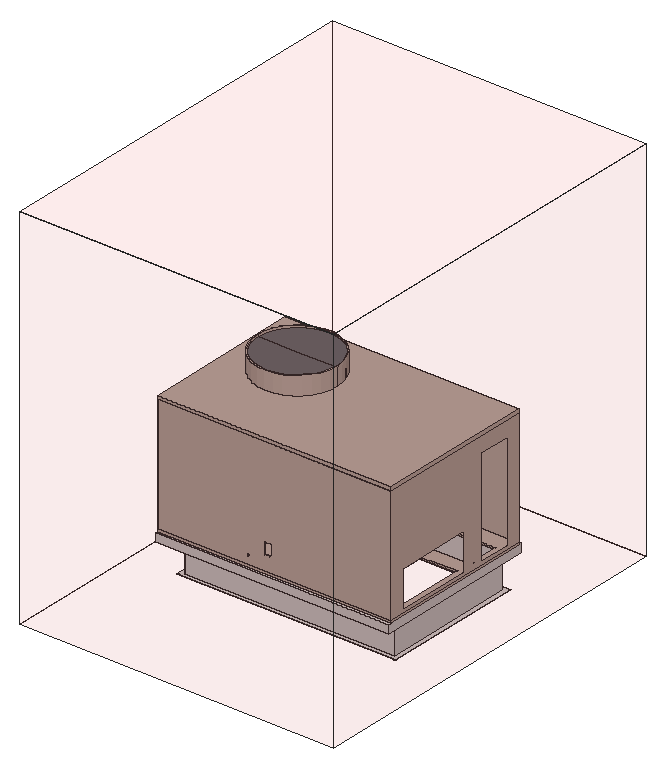
Revit family "CDR-ZX14, ZY12, XX12, XY08, XY09", category Mechanical Equipment, Revit 2023
Family settings
  Round Connector Dimension = Use Diameter
  Part Type = Normal
  Work Plane-Based = No
  Always vertical = Yes
  Cut with Voids When Loaded = No
  Maintain Annotation Orientation = No
  Shared = No
  Room Calculation Point = No
Parameters (values of type "ZX14 - 12.5 Ton")
  Width = 61.690"  # constant formula
  Voltage = 208 V
  URL = "www.johnsoncontrols.com"
  Temperature Rise Range [instance] = 0 °F
  Supply Fan HP = 0 VA
  Supply Fan Full Load Current = 0 A
  Supply Air Connection Width (Optional) = 28 97/256"  # constant formula
  Supply Air Connection Width = 14"  # constant formula
  Supply Air Connection Height (Optional) = 13 225/256"  # constant formula
  Supply Air Connection Height = 28 3/4"  # constant formula
  Steady State Efficiency [instance] = 0
  Static Resistance [instance] = 0
  Standard Capacity Evaporator [instance] = "0"
  Show Clearance [instance] = yes
  Serial Number [instance] = ""
  Seasonal Energy Efficiency Rating [instance] = 0
  Return Air Dry Bulb Temperature [instance] = 0 °F
  Return Air Connection Width (Optional) = 12 161/256"  # constant formula
  Return Air Connection Width = 36 97/256"  # constant formula
  Return Air Connection Height (Optional) = 36 97/256"  # constant formula
  Return Air Connection Height = 12 161/256"  # constant formula
  Refrigerant Used = "R-410A"  # constant formula
  Refrigerant Charge System Two = 6.75 lbf
  Refrigerant Charge System One = 6.50 lbf
  Product Page URL = ""
  Product Documentation Link = ""
  Power Factor = 1  # constant formula
  Outdoor Ambient Temperature [instance] = 0 °F
  Outdoor Air Wet Bulb Temperature [instance] = 0 °F
  Operating Weight = 941.00 lbf
  OmniClass Title = "Packaged Rooftop Air Conditioning Units"  # constant formula
  OmniClass Number = "23.75.10.24.21.27.14"  # constant formula
  Number of Poles = 3
  Nominal Cooling Capacity = 12.5 ton
  Model = "ZX14"
  Maximum Overcurrent Protection = 0 A
  Manufacturer = "Johnson Controls, Inc."  # constant formula
  Length = 87.180"  # constant formula
  Keynote = ""
  Integrated Part Load Value = 0
  Height = 48.560"  # constant formula
  Gas Heating Performance MBH Output = 0 Btu/h
  Gas Heating Performance MBH Input = 0 Btu/h
  Gas Connection Diameter = 3/4"  # constant formula
  Frame Finish = Paint - JCI - Powder Coated - Galvanized Steel
  Filter Type = "2\""
  Filter Size and Quantity = "(20 x 20 x 2) - 4"  # constant formula
  Family Revision Date = "11/01/2017"  # constant formula
  Exhaust Fan HP [instance] = 0 VA
  Exhaust Air Flow = 0 CFM
  Exhaust Air Blower Full Load Current [instance] = 0 A
  Evaporator Coil Row Count = 4
  Evaporator Coil Fins per Inch = 15  # constant formula
  External Static Pressure [instance] = 0.00 in-wg
  Energy Efficiency Rating = 0
  Design Supply Air Flow [instance] = 0 CFM
  Description = "CDR Packaged Unit - 12.5 Ton Unit"
  Default Elevation = 0.000"
  Curb Width = 53.500"  # constant formula
  Curb Thicknes = 1.750"  # constant formula
  Curb Length = 81.750"  # constant formula
  Curb Height [instance] = 14.000"  # constant formula
  Curb Material = Metal - JCI - Steel - Galvanized With Wood Nailer
  Curb Exists [instance] = yes
  Copyright © = "Copyright © 2001-2017 Johnson Controls"  # constant formula
  Convenience Outlet Voltage [instance] = 0 V
  Convenience Outlet Full Load Current = 0 A
  Condenser Fan Quantity = 1  # constant formula
  Condenser Fan HP = 0 VA
  Condenser Fan Full Load Current = 0 A
  Condenser Fan Drive Type = "Direct"  # constant formula
  Condenser Fan Diameter = 30.000"  # constant formula
  Condenser Coils Fins per Inch = 21  # constant formula
  Condenser Coil Rows = 1
  Condensate Drain Flow [instance] = 0 GPM
  Condensate Drain Connection Diameter = 3/4"  # constant formula
  Compressor Type = "Scroll"  # constant formula
  Compressor Size = "0"  # constant formula
  Compressor Running Load Current = 0 A
  Compressor Quantity = 2
  Compressor Maximum Continuous Current = 0 A
  Compressor Locked Rotor Current = 0 A
  Clearance Top = 72.000" + 6.700"  # 78.700"
  Clearance Right = 18.000"
  Clearance Left = 12.000"
  Clearance Front = 48.000"
  Clearance Bottom [instance] = if(Curb Exists, (Curb Height - Cabinet Base Thickness), 0.000")  # 10.940"
  Clearance Back = 36.000"
  Cabinet Base Thickness = 3.060"  # constant formula
  CTRL Curb Height [instance] = if(Curb Exists, Curb Height, Cabinet Base Thickness)  # 14.000"
  Assembly Code = ""
  Actual Supply Gas Connection Flow [instance] = 0 GPM
  Actual Supply Air Flow [instance] = 0 CFM
  Actual Return Air Flow [instance] = 0 CFM
Types (3): name | Refrigerant Charge System Two | Operating Weight | Nominal Cooling Capacity | Model | Description
  (no name) | 6.75 lbf | 941.00 lbf | 12.5 ton | "ZX14" | "CDR Packaged Unit - 12.5 Ton Unit"
  ZX14 - 12.5 Ton | 6.75 lbf | 941.00 lbf | 12.5 ton | "ZX14" | "CDR Packaged Unit - 12.5 Ton Unit"
  ZY12 - 10 Ton | 7.00 lbf | 902.00 lbf | 10.0 ton | "ZY12" | "CDR Packaged Unit - 10 Ton Unit"
Reference planes (in)
  plane 1 "Center (Front/Back)": y = 0
  plane 2 "Curb Bottom": z = 0
  plane 3 "Center (Left/Right)": x = 0
  plane 4 "Left": x = -43.59
  plane 5 "Right": x = 43.59
  plane 6 "Back": y = 30.845
  plane 7 "Front": y = -30.845
  plane 8 "Curb Top": z = 10.94
  plane 9 "Top": z = 59.5
  plane 10 "Cabinet Base": z = 14
  plane 11 "Top Inset": z = 58.25
  plane 12: z = 14.75
  plane 13 "Curb Right": x = 42.84
  plane 14 "Curb Left": x = -38.91
  plane 15 "Curb Back": y = 26.75
  plane 16 "Curb Front": y = -26.75
Forms (in)
  Sweep 1, solid, material "Metal - JCI - Steel Galvanized", detail levels fine
    path origin (0, 0, 0) x (1, 0, 0) y (0, 0, 1)
      loop
        line (0, 10.94) -> (0, 14)
    profile origin (0, 0, 12.47) x (-1, 0, 0) y (0, -1, 0)
      loop
        line (43.46, -30.845) -> (43.46, 30.845) -> (-43.48, 30.845) -> (-43.48, -30.845) -> (43.46, -30.845)
      loop
        line (42.96, -27.275) -> (42.96, 27.275) -> (-42.98, 27.275) -> (-42.98, -27.275) -> (42.96, -27.275)
  Sweep 2, solid, material "Paint - JCI - Powder Coated - Galvanized Steel" <- "Frame Finish", detail levels fine
    path origin (0, 0, 0) x (1, 0, 0) y (0, 0, 1)
      loop
        line (0, 14.75) -> (0, 58.25)
    profile origin (0, 0, 36.5) x (-1, 0, 0) y (0, -1, 0)
      loop
        line (43.59, -29.795) -> (43.59, 29.795) -> (-43.59, 29.795) -> (-43.59, -29.795) -> (43.59, -29.795)
      loop
        line (43.56, -29.765) -> (43.56, 29.765) -> (-43.56, 29.765) -> (-43.56, -29.765) -> (43.56, -29.765)
  Sweep 3, solid, material "Paint - JCI - Powder Coated - Galvanized Steel" <- "Frame Finish", detail levels fine
    path origin (0, 0, 0) x (1, 0, 0) y (0, 0, 1)
      loop
        line (0, 58.25) -> (0, 59.5)
    profile origin (0, 0, 58.875) x (-1, 0, 0) y (0, -1, 0)
      loop
        line (-43.59, -29.795) -> (43.59, -29.795) -> (43.59, 29.795) -> (-43.59, 29.795) -> (-43.59, -29.795)
      loop
        circle (21.082, -7.295) r 15
  Sweep 4, solid, material "Paint - JCI - Powder Coated - Galvanized Steel" <- "Frame Finish", detail levels fine
    path origin (0, 0, 0) x (1, 0, 0) y (0, 0, 1)
      loop
        line (0, 14) -> (0, 14.75)
    profile origin (0, 0, 14.375) x (-1, 0, 0) y (0, -1, 0)
      loop
        line (-43.59, -29.795) -> (43.59, -29.795) -> (43.59, 29.795) -> (-43.59, 29.795) -> (-43.59, -29.795)
  Sweep 5, void
    path origin (0, 0, 0) x (1, 0, 0) y (0, 0, 1)
      loop
        line (0, 14) -> (0, 14.75)
    profile origin (0, 0, 14.375) x (-1, 0, 0) y (0, -1, 0)
      loop
        line (-40.19, -23.245) -> (-3.81109, -23.245) -> (-3.81109, -10.61609) -> (-40.19, -10.61609) -> (-40.19, -23.245)
      loop
        line (-40.19, -5.39609) -> (-26.19, -5.39609) -> (-26.19, 23.35391) -> (-40.19, 23.35391) -> (-40.19, -5.39609)
      loop
        circle (-18.3, -7.895) r 0.375
  Extrusion 6, void
    sketch origin (0, 0, 0) x (1, 0, 0) y (0, 0, 1)
      loop
        circle (-9.6, 18.23) r 0.375
      loop
        line (-3.38, 20.42) -> (-1.05, 20.42) -> (-1.05, 24.65) -> (-3.38, 24.65) -> (-3.38, 20.42)
    from 20.02836 to 30.845
  Extrusion 7, solid, material "Paint - JCI - Powder Coated - Galvanized Steel" <- "Frame Finish", detail levels fine
    sketch origin (-43.59, 0, 0) x (0, 1, 0) y (0, 0, 1)
      loop
        circle (-25.1205, 46.23) r 0.69
      loop
        line (-23.895, 36.265) -> (-26.815, 36.265) -> (-26.815, 31.575) -> (-23.895, 31.575) -> (-23.895, 36.265)
    from -0.1 to 0
  Extrusion 8, void
    sketch origin (0, 0, 0) x (0, 1, 0) y (0, 0, 1)
      loop
        line (12.23609, 52.31891) -> (12.23609, 15.94) -> (24.865, 15.94) -> (24.865, 52.31891) -> (12.23609, 52.31891)
      loop
        line (-24.33281, 29.81891) -> (-24.33281, 15.94) -> (4.04609, 15.94) -> (4.04609, 29.81891) -> (-24.33281, 29.81891)
      loop
        circle (8.255, 17.13) r 0.375
    from 30 to 43.59
  Sweep 9, solid, material "Metal - JCI - Steel - Galvanized With Wood Nailer" <- "Curb Material", visible <- "Curb Exists", detail levels fine
    path origin (0, 0, 0) x (1, 0, 0) y (0, 1, 0)
      loop
        line (-38.91, 26.75) -> (-38.91, -26.75) -> (42.84, -26.75) -> (42.84, 26.75) -> (-38.91, 26.75)
    profile origin (42.84, 0, 0) x (1, 0, 0) y (0, 0, 1)
      loop
        line (0, 14) -> (-1.75, 14) -> (-1.75, 0) -> (0, 0) -> (0, 0.06) -> (-1.69, 0.06) -> (-1.69, 13) -> (0, 13) -> (0, 14)
      loop
        line (-1.69, 13.06) -> (-0.06, 13.06) -> (-0.06, 13.94) -> (-1.69, 13.94) -> (-1.69, 13.06)
  Extrusion 10, solid, material "Metal - JCI - Steel - Galvanized With Wood Nailer" <- "Curb Material", visible <- "Curb Exists", detail levels fine
    sketch origin (0, 0, 14) x (-1, 0, 0) y (0, -1, 0)
      loop
        line (37.16, -25) -> (37.16, 25) -> (-0.902, 25) -> (-0.902, -6.531) -> (-22.277, -6.531) -> (-22.277, 25) -> (-25.277, 25) -> (-25.277, -6.531) -> (-41.09, -6.531) -> (-41.09, -9.531) -> (-0.902, -9.531) -> (-0.902, -25) -> (37.16, -25)
      loop
        circle (-18.027, -7.563) r 0.9
    from 0 to -1
Cuts and joins
  Sweep 5 cuts Sweep 4
  Extrusion 6, Extrusion 8 cuts Sweep 2
  joined: Sweep 9, Extrusion 10
Lines and regions (in)
  model lines, detail levels coarse+medium
    curve 1: line (-43.59, -30.845, 59.5) -> (43.59, -30.845, 59.5)
    curve 2: line (-43.59, -30.845, 10.94) -> (-43.59, -30.845, 59.5)
    curve 3: line (43.59, -30.845, 10.94) -> (-43.59, -30.845, 10.94)
    curve 4: line (43.59, -30.845, 59.5) -> (43.59, -30.845, 10.94)
    curve 5: line (-43.59, 30.845, 59.5) -> (43.59, 30.845, 59.5)
    curve 6: line (-43.59, 30.845, 10.94) -> (-43.59, 30.845, 59.5)
    curve 7: line (43.59, 30.845, 10.94) -> (-43.59, 30.845, 10.94)
    curve 8: line (43.59, 30.845, 59.5) -> (43.59, 30.845, 10.94)
    curve 9: line (43.59, -30.845, 59.5) -> (43.59, 30.845, 59.5)
    curve 10: line (43.59, -30.845, 10.94) -> (43.59, -30.845, 59.5)
    curve 11: line (43.59, 30.845, 10.94) -> (43.59, -30.845, 10.94)
    curve 12: line (43.59, 30.845, 59.5) -> (43.59, 30.845, 10.94)
    curve 13: line (-43.59, -30.845, 59.5) -> (-43.59, 30.845, 59.5)
    curve 14: line (-43.59, -30.845, 10.94) -> (-43.59, -30.845, 59.5)
    curve 15: line (-43.59, 30.845, 10.94) -> (-43.59, -30.845, 10.94)
    curve 16: line (-43.59, 30.845, 59.5) -> (-43.59, 30.845, 10.94)
  model lines, visible <- "Curb Exists", detail levels coarse+medium
    curve 17: line (-38.91, -26.75, 14) -> (42.84, -26.75, 14)
    curve 18: line (-38.91, -26.75, 0) -> (-38.91, -26.75, 14)
    curve 19: line (42.84, -26.75, 0) -> (-38.91, -26.75, 0)
    curve 20: line (42.84, -26.75, 14) -> (42.84, -26.75, 0)
    curve 21: line (-38.91, 26.75, 0) -> (42.84, 26.75, 0)
    curve 22: line (-38.91, 26.75, 14) -> (-38.91, 26.75, 0)
    curve 23: line (42.84, 26.75, 14) -> (-38.91, 26.75, 14)
    curve 24: line (42.84, 26.75, 0) -> (42.84, 26.75, 14)
    curve 25: line (42.84, -26.75, 0) -> (42.84, 26.75, 0)
    curve 26: line (42.84, -26.75, 14) -> (42.84, -26.75, 0)
    curve 27: line (42.84, 26.75, 14) -> (42.84, -26.75, 14)
    curve 28: line (42.84, 26.75, 0) -> (42.84, 26.75, 14)
    curve 29: line (-38.91, -26.75, 0) -> (-38.91, 26.75, 0)
    curve 30: line (-38.91, -26.75, 14) -> (-38.91, -26.75, 0)
    curve 31: line (-38.91, 26.75, 14) -> (-38.91, -26.75, 14)
    curve 32: line (-38.91, 26.75, 0) -> (-38.91, 26.75, 14)
  model lines, detail levels fine
    curve 33: line (1.68, -29.795, 58.25) -> (1.68, -29.795, 14.75)
    curve 34: line (-0.29, -29.795, 58.25) -> (-0.29, -29.795, 14.75)
    curve 35: line (-0.26, 29.795, 58.25) -> (-0.26, 29.795, 14.75)
    curve 36: line (1.63, 29.795, 58.25) -> (1.63, 29.795, 14.75)
    curve 37: line (1.63, 29.795, 35.32) -> (43.59, 29.795, 35.32)
    curve 38: line (1.63, 29.795, 36.01) -> (43.59, 29.795, 36.01)
Dimensions and locks (in)
  equal spacing: plane 4 "Left", plane 3 "Center (Left/Right)", plane 5 "Right"
  "Length": plane 4 "Left" to plane 5 "Right"
  equal spacing: plane 7 "Front", plane 1 "Center (Front/Back)", plane 6 "Back"
  "Width": plane 7 "Front" to plane 6 "Back"
  "Height": plane 9 "Top" to plane 8 "Curb Top"
  "Cabinet Base Thickness": plane 10 "Cabinet Base" to plane 8 "Curb Top"
  locked: plane 4 "Left" to Sweep 1 sketch curve at 0.13
  locked: Sweep 1 sketch curve to plane 5 "Right" at 0.11
  locked: Sweep 1 sketch curve to Sweep 1 sketch curve at 3.57  (x2)
  locked: Sweep 1 sketch curve to Sweep 1 sketch curve at 0.5  (x2)
  locked: Sweep 2 sketch curve to plane 6 "Back" at 1.05
  locked: plane 7 "Front" to Sweep 2 sketch curve at 1.05
  locked: Sweep 2 sketch curve to Sweep 2 sketch curve at 0.03  (x4)
  locked: plane 9 "Top" to plane 11 "Top Inset" at 1.25
  locked: plane 12 to plane 10 "Cabinet Base" at 0.75
  "Return Air Connection Height": Sweep 5 sketch curve to Sweep 5 sketch curve
  locked: Sweep 5 sketch curve to Sweep 5 sketch curve at 5.22
  "Supply Air Connection Height": Sweep 5 sketch curve to Sweep 5 sketch curve
  locked: Sweep 3 to Sweep 5 sketch curve at 6.55
  locked: Sweep 5 sketch curve to plane 5 "Right" at 3.4  (x2)
  "Supply Air Connection Width": Sweep 5 sketch curve to Sweep 5 sketch curve
  "Return Air Connection Width": Sweep 5 sketch curve to Sweep 5 sketch curve
  locked: Sweep 5 sketch curve to plane 5 "Right" at 25.29
  locked: Sweep 3 to Sweep 5 sketch curve at 21.9
  locked: Sweep 3 sketch curve to plane 6 "Back" at 23.55
  locked: plane 4 "Left" to Sweep 3 sketch curve at 22.508
  locked: Extrusion 6 sketch curve to plane 4 "Left" at 33.99
  locked: Extrusion 6 sketch curve to plane 8 "Curb Top" at 7.29
  locked: Extrusion 6 sketch curve to Extrusion 6 sketch curve at 4.23
  locked: Extrusion 6 sketch curve to plane 4 "Left" at 40.21
  locked: Extrusion 6 sketch curve to Extrusion 6 sketch curve at 2.33
  locked: Extrusion 6 sketch curve to plane 8 "Curb Top" at 9.48
  locked: Extrusion 7 sketch curve to plane 8 "Curb Top" at 35.29
  locked: Extrusion 7 sketch curve to cut or joined group of Sweep 2, Extrusion 6, Extrusion 8 at 4.6745
  locked: Extrusion 8 sketch curve to plane 8 "Curb Top" at 5  (x2)
  "Return Air Connection Height (Optional)": Extrusion 8 sketch curve to Extrusion 8 sketch curve
  "Supply Air Connection Height (Optional)": Extrusion 8 sketch curve to Extrusion 8 sketch curve
  locked: Extrusion 8 sketch curve to plane 8 "Curb Top" at 6.19
  locked: cut or joined group of Sweep 2, Extrusion 6, Extrusion 8 to Extrusion 8 sketch curve at 38.05
  locked: Extrusion 8 sketch curve to cut or joined group of Sweep 2, Extrusion 6, Extrusion 8 at 4.93
  "Return Air Connection Width (Optional)": Extrusion 8 sketch curve to Extrusion 8 sketch curve
  locked: Extrusion 8 sketch curve to Extrusion 8 sketch curve at 8.19
  "Supply Air Connection Width (Optional)": Extrusion 8 sketch curve to Extrusion 8 sketch curve
  "Curb Length": plane 14 "Curb Left" to plane 13 "Curb Right"
  equal spacing: plane 16 "Curb Front", plane 1 "Center (Front/Back)", plane 15 "Curb Back"
  "Curb Width": plane 16 "Curb Front" to plane 15 "Curb Back"
  "Curb Thicknes": Sweep 9 sketch curve to profile plane
  "Curb Height": Sweep 9 sketch curve to profile plane
  locked: Sweep 9 sketch curve to Sweep 9 sketch curve at 1
  locked: Sweep 9 sketch curve to Sweep 9 sketch curve at 0.06  (x6)
  "CTRL Curb Height": plane 10 "Cabinet Base" to plane 2 "Curb Bottom"
  locked: Extrusion 10 sketch curve to Sweep 9 at 15.469
  locked: Extrusion 10 sketch curve to Extrusion 10 sketch curve at 3  (x3)
  locked: Extrusion 10 sketch curve to Sweep 9 at 40.188
  locked: Extrusion 10 sketch curve to Sweep 9 at 15.813
  locked: Extrusion 10 sketch curve to plane 13 "Curb Right" at 24.813
  plane 16 "Curb Front" to Extrusion 10 sketch curve = 34.313"
  locked: Extrusion 7 sketch curve to plane 7 "Front" at 4.03
  locked: Extrusion 7 sketch curve to Extrusion 7 sketch curve at 2.92
  locked: Extrusion 7 sketch curve to plane 8 "Curb Top" at 20.635
  locked: Extrusion 7 sketch curve to Extrusion 7 sketch curve at 4.69
  locked: Extrusion 7 to plane 4 "Left" at 0.1
  nested 2 to plane 7 "Front" = 48.000"
  plane 6 "Back" to nested 2 = 36.000"
  plane 5 "Right" to nested 2 = 18.000"
  nested 2 to plane 4 "Left" = 12.000"
  "Curb Height": curve 17 to plane 2 "Curb Bottom"
  "Curb Height": curve 23 to plane 2 "Curb Bottom"
  "Curb Height": curve 27 to plane 2 "Curb Bottom"
  "Curb Height": curve 31 to plane 2 "Curb Bottom"
  locked: plane 4 "Left" to nested 1 at 22.508
  locked: nested 1 to plane 6 "Back" at 23.55
  locked: plane 5 "Right" to curve 33 at 41.91
  locked: plane 5 "Right" to curve 34 at 43.88
  locked: curve 35 to plane 4 "Left" at 43.33
  locked: curve 36 to plane 4 "Left" at 45.22
  locked: plane 8 "Curb Top" to curve 37 at 24.38
  locked: plane 8 "Curb Top" to curve 38 at 25.07
  locked: plane 13 "Curb Right" to plane 5 "Right" at 0.75
  "Condensate Drain Connection Diameter": diameter of Sweep 5 sketch curve
  "Gas Connection Diameter": diameter of Extrusion 6 sketch curve
  "Condensate Drain Connection Diameter": diameter of Extrusion 8 sketch curve
  "Condenser Fan Diameter": diameter of Sweep 3 sketch curve
  aligned and locked: level to plane 2 "Curb Bottom"
  aligned and locked: plane 8 "Curb Top" to Sweep 1 sketch curve
  aligned and locked: plane 3 "Center (Left/Right)" to Sweep 1 sketch curve
  aligned and locked: plane 10 "Cabinet Base" to Sweep 1 sketch curve
  aligned and locked: plane 6 "Back" to Sweep 1 sketch curve
  aligned and locked: Sweep 1 sketch curve to plane 7 "Front"
  aligned and locked: plane 3 "Center (Left/Right)" to Sweep 2 sketch curve
  aligned and locked: Sweep 2 sketch curve to plane 5 "Right"
  aligned and locked: plane 4 "Left" to Sweep 2 sketch curve
  aligned and locked: plane 11 "Top Inset" to Sweep 2 sketch curve
  aligned and locked: Sweep 3 sketch curve to Sweep 2  (x5)
  aligned and locked: plane 3 "Center (Left/Right)" to Sweep 3 sketch curve
  aligned and locked: plane 9 "Top" to Sweep 3 sketch curve
  aligned and locked: plane 12 to Sweep 2 sketch curve
  aligned and locked: plane 3 "Center (Left/Right)" to Sweep 4 sketch curve
  aligned and locked: plane 10 "Cabinet Base" to Sweep 4 sketch curve
  aligned and locked: plane 12 to Sweep 4 sketch curve
  aligned and locked: Sweep 4 sketch curve to Sweep 3  (x4)
  aligned and locked: plane 3 "Center (Left/Right)" to Sweep 5 sketch curve
  aligned and locked: plane 10 "Cabinet Base" to Sweep 5 sketch curve
  aligned and locked: plane 12 to Sweep 5 sketch curve
  aligned and locked: plane 9 "Top" to nested 1
  aligned and locked: plane 7 "Front" to Extrusion 6
  aligned and locked: plane 5 "Right" to Extrusion 8
  aligned and locked: plane 15 "Curb Back" to Sweep 9 sketch curve
  aligned and locked: plane 14 "Curb Left" to Sweep 9 sketch curve
  aligned and locked: Sweep 9 sketch curve to plane 16 "Curb Front"
  aligned and locked: Sweep 9 sketch curve to plane 13 "Curb Right"
  aligned and locked: profile plane to Sweep 9 sketch curve  (x2)
  aligned and locked: Sweep 9 sketch curve to profile plane
  aligned and locked: Sweep 9 to Extrusion 10 sketch curve  (x4)
  aligned and locked: Extrusion 10 to plane 10 "Cabinet Base"
  aligned and locked: Sweep 9 to Extrusion 10
  aligned and locked: Extrusion 10 sketch curve to Extrusion 10 sketch curve
  aligned and locked: Extrusion 10 sketch curve to Sweep 9
  aligned and locked: plane 4 "Left" to Extrusion 7
  aligned and locked: plane 8 "Curb Top" to nested 2
  aligned and locked: curve 1 to plane 9 "Top"
  aligned and locked: plane 4 "Left" to curve 2
  aligned and locked: plane 8 "Curb Top" to curve 3
  aligned and locked: curve 4 to plane 5 "Right"
  aligned and locked: curve 5 to plane 9 "Top"
  aligned and locked: plane 4 "Left" to curve 6
  aligned and locked: plane 8 "Curb Top" to curve 7
  aligned and locked: curve 8 to plane 5 "Right"
  aligned and locked: curve 9 to plane 9 "Top"
  aligned and locked: curve 10 to plane 7 "Front"
  aligned and locked: plane 8 "Curb Top" to curve 11
  aligned and locked: plane 6 "Back" to curve 12
  aligned and locked: curve 13 to plane 9 "Top"
  aligned and locked: curve 14 to plane 7 "Front"
  aligned and locked: plane 8 "Curb Top" to curve 15
  aligned and locked: plane 6 "Back" to curve 16
  aligned and locked: plane 14 "Curb Left" to curve 18
  aligned and locked: plane 2 "Curb Bottom" to curve 19
  aligned and locked: curve 20 to plane 13 "Curb Right"
  aligned and locked: curve 21 to plane 2 "Curb Bottom"
  aligned and locked: curve 22 to plane 14 "Curb Left"
  aligned and locked: plane 13 "Curb Right" to curve 24
  aligned and locked: curve 25 to plane 2 "Curb Bottom"
  aligned and locked: plane 16 "Curb Front" to curve 26
  aligned and locked: curve 28 to plane 15 "Curb Back"
  aligned and locked: curve 29 to plane 2 "Curb Bottom"
  aligned and locked: plane 16 "Curb Front" to curve 30
  aligned and locked: curve 32 to plane 15 "Curb Back"
  aligned and locked: plane 11 "Top Inset" to curve 33
  aligned and locked: plane 12 to curve 33
  aligned and locked: plane 11 "Top Inset" to curve 35
  aligned and locked: plane 12 to curve 35
  aligned and locked: plane 5 "Right" to curve 37
  aligned and locked: plane 5 "Right" to curve 38
  aligned and locked: curve 36 to curve 38
  aligned and locked: plane 11 "Top Inset" to curve 36
  aligned and locked: plane 12 to curve 36
  aligned and locked: plane 11 "Top Inset" to curve 34
  aligned and locked: plane 12 to curve 34
Automatic sketch dimensions
  radius of Extrusion 10 sketch curve = 0.900"
  radius of Extrusion 7 sketch curve = 0.690"
Nested families (in)
  nested 1: "CDR-JCI-Condenser_Fan" at (-21.082, 7.295, 59.5), type "Fan"
    with Radius 2 14.750", Radius 15.000", Height 6.700", Diameter 30.000"
  nested 2: "Include Clearance" at (0, 0, 10.94), visible <- "Show Clearance", type "Include Clearance"
    with Width 87.180", Height 48.560", Depth 61.690", Clearance Top 78.700", Clearance Right 18.000", Clearance Left 12.000", Clearance Front 48.000", Clearance Bottom 10.940", Clearance Back 36.000"
Connectors (in)
  hvac at (22.00055, 16.93055, 14), driven by "Return Air Connection Height", driven by "Return Air Connection Width", driven by "Actual Return Air Flow"
    settings: on cut or joined group of Sweep 4, Sweep 5, index 1, duct flow 0 CFM, flow factor 0, pres drop 0.00 in-wg, loss coef 0, conn angle 0.00°, conn width 36 97/256", conn height 12 161/256", conn diameter 24", duct sys type 2, conn prof type 1, flow config 0, flow direction 1, loss method 0, conn ref index -1, conn util no, is conn primary yes, conn desc "Return Air"
  hvac at (33.19, -8.97891, 14), driven by "Supply Air Connection Height", driven by "Supply Air Connection Width", driven by "Actual Supply Air Flow"
    settings: on cut or joined group of Sweep 4, Sweep 5, index 2, duct flow 0 CFM, flow factor 0, pres drop 0.00 in-wg, loss coef 0, conn angle 0.00°, conn width 14", conn height 28 3/4", conn diameter 24", duct sys type 1, conn prof type 1, flow config 0, flow direction 2, loss method 0, conn ref index -1, conn util no, is conn primary no, conn desc "Supply Air"
  hvac at (43.59, 18.55055, 34.12945), driven by "Return Air Connection Height (Optional)", driven by "Return Air Connection Width (Optional)"
    settings: on cut or joined group of Sweep 2, Extrusion 6, Extrusion 8, index 4, duct flow 0 CFM, flow factor 0, pres drop 0.00 in-wg, loss coef 0, conn angle 0.00°, conn width 12 161/256", conn height 36 97/256", conn diameter 24", duct sys type 2, conn prof type 1, flow config 0, flow direction 1, loss method 0, conn ref index -1, conn util no, is conn primary no, conn desc "Return Air (Optional)"
  hvac at (43.59, -10.14336, 22.87945), driven by "Supply Air Connection Width (Optional)", driven by "Supply Air Connection Height (Optional)"
    settings: on cut or joined group of Sweep 2, Extrusion 6, Extrusion 8, index 5, duct flow 0 CFM, flow factor 0, pres drop 0.00 in-wg, loss coef 0, conn angle 0.00°, conn width 28 97/256", conn height 13 225/256", conn diameter 24", duct sys type 1, conn prof type 1, flow config 0, flow direction 2, loss method 0, conn ref index -1, conn util no, is conn primary no, conn desc "Supply Air (Optional)"
  piping at (-9.6, -29.795, 18.23), diameter 0.75, driven by "Actual Supply Gas Connection Flow", driven by "Gas Connection Diameter"
    settings: on cut or joined group of Sweep 2, Extrusion 6, Extrusion 8, index 6, connector inside diameter 24", connector length 0.000", flow factor 0, pipe flow 0 GPM, pressure drop 0.00 psi, fitting loss kfactor 0, connector angle 0.00°, fixture units 0, engagement length 0.000", angle of deflection 0.00°, flow configuration 0, flow direction 1, fitting loss method 0, system type 7, joint type 0, gender type 0, connector reference index -1, connector utility 0, adjustable connector no, is connector primary yes, connector description "Gas Inlet"
  piping at (18.3, 7.895, 14), diameter 0.75, driven by "Condensate Drain Flow", driven by "Condensate Drain Connection Diameter"
    settings: on cut or joined group of Sweep 4, Sweep 5, index 7, connector inside diameter 24", connector length 0.000", flow factor 0, pipe flow 0 GPM, pressure drop 0.00 psi, fitting loss kfactor 0, connector angle 0.00°, fixture units 0, engagement length 0.000", angle of deflection 0.00°, flow configuration 1, flow direction 2, fitting loss method 0, system type 16, joint type 0, gender type 0, connector reference index -1, connector utility 0, adjustable connector yes, is connector primary no, connector description "Condensate Drain"
  piping at (43.59, 8.255, 17.13), diameter 0.75, driven by "Condensate Drain Connection Diameter"
    settings: on cut or joined group of Sweep 2, Extrusion 6, Extrusion 8, index 8, connector inside diameter 24", connector length 0.000", flow factor 0, pipe flow 0 GPM, pressure drop 0.00 psi, fitting loss kfactor 0, connector angle 0.00°, fixture units 0, engagement length 0.000", angle of deflection 0.00°, flow configuration 1, flow direction 2, fitting loss method 0, system type 16, joint type 0, gender type 0, connector reference index -1, connector utility 0, adjustable connector yes, is connector primary no, connector description "Condensate Drain (Optional)"
  electrical at (-43.69, -25.1205, 46.23), driven by "Number of Poles", driven by "Voltage", driven by "Power Factor"
    settings: on Extrusion 7, index 9, voltage 208 V, apparent load 0 VA, apparent load phase1 0 VA, apparent load phase2 0 VA, apparent load phase3 0 VA, power factor 1, load classification "Power", number of poles 3, system type 30, power factor state 1, is connector primary yes, connector utility no, sub classification motor no, connector description "Power Entry"
  electrical at (-43.69, -25.355, 33.92), driven by "Number of Poles", driven by "Convenience Outlet Voltage", driven by "Power Factor"
    settings: on Extrusion 7, index 10, voltage 0 V, apparent load 0 VA, apparent load phase1 0 VA, apparent load phase2 0 VA, apparent load phase3 0 VA, power factor 1, load classification "Power", number of poles 3, system type 30, power factor state 1, is connector primary no, connector utility no, sub classification motor no, connector description "Convenience Outlet Power"
Definition of nested family "CDR-JCI-Condenser_Fan"
  Parameters (values of type "Fan")
    Radius 2 = Radius - 0.250"  # 11.630"
    Radius = if(1 = 1, Diameter / 2, 1.000")  # 11.880"
    Height = 1.250"
    Frame Material = none
    Fan Blade Material = none
    Diameter = 23.760"
    Default Elevation = 0.000"
    Assembly Code = ""
  Reference planes (in)
    plane 1 "Center (Front/Back)": y = 0
    plane 2 "Bottom": z = 0
    plane 3 "Center (Left/Right)": x = 0
    plane 4 "Back": y = 11.88
    plane 5 "Front": y = -11.88
    plane 6 "Left": x = -11.88
    plane 7 "Right": x = 11.88
    plane 8 "Top": z = 1.25
    plane 9 "Right Inset": x = 11.63
    plane 10 "Top Inset": z = 0.75
  Forms (in)
    Revolve 1, solid, material <- "Fan Blade Material", detail levels fine
      sketch origin (0, 0, 0) x (1, 0, 0) y (0, 0, 1)
        loop
          line (0, 0.75) -> (0, 0) -> (11.63, 0) -> (11.63, 0.75) -> (0, 0.75)
        axis (0, 0.75) -> (0, 0)
      angle from 0 to 360
    Revolve 2, solid, material <- "Frame Material", detail levels fine
      sketch origin (0, 0, 0) x (1, 0, 0) y (0, 0, 1)
        loop
          line (11.63, 0) -> (11.88, 0) -> (11.88, 1.25) -> (11.63, 1.25) -> (11.63, 0)
        axis (0, 1.25) -> (0, 0)
      angle from 0 to 360
    Revolve 3, solid, material <- "Frame Material", detail levels medium
      sketch origin (0, 0, 0) x (1, 0, 0) y (0, 0, 1)
        loop
          line (0, 1.25) -> (0, 0) -> (11.88, 0) -> (11.88, 1.25) -> (0, 1.25)
        axis (0, 1.25) -> (0, 0)
      angle from 0 to 360
  Lines and regions (in)
    Masking region 1
      outline origin (0, 0, 0) x (1, 0, 0) y (0, 1, 0)
        loop
          circle (0, 0) r 11.88
    Masking region 2
      outline origin (0, 0, 0) x (1, 0, 0) y (0, 0, 1)
        loop
          line (-11.88, 1.25) -> (-11.88, 0) -> (11.88, 0) -> (11.88, 1.25) -> (-11.88, 1.25)
    Masking region 3
      outline origin (0, 0, 0) x (0, 1, 0) y (0, 0, 1)
        loop
          line (-11.88, 1.25) -> (-11.88, 0) -> (11.88, 0) -> (11.88, 1.25) -> (-11.88, 1.25)
    model lines, detail levels coarse
      curve 1: circle (0, 0, 0) r 11.88 normal (0, 0, 1)
      curve 2: circle (0, 0, 1.25) r 11.88 normal (0, 0, 1)
      curve 3: line (11.88, 0, 1.25) -> (11.88, 0, 0)
      curve 4: line (-11.88, 0, 1.25) -> (-11.88, 0, 0)
      curve 5: line (0, 11.88, 1.25) -> (0, 11.88, 0)
      curve 6: line (0, -11.88, 1.25) -> (0, -11.88, 0)
    symbolic lines, detail levels fine
      curve 7: circle (0, 0, 0) r 11.63 normal (0, 0, 1)
  Dimensions and locks (in)
    equal spacing: plane 5 "Front", plane 1 "Center (Front/Back)", plane 4 "Back"
    "Diameter": plane 5 "Front" to plane 4 "Back"
    equal spacing: plane 6 "Left", plane 3 "Center (Left/Right)", plane 7 "Right"
    "Diameter": plane 6 "Left" to plane 7 "Right"
    "Height": plane 8 "Top" to plane 2 "Bottom"
    locked: plane 9 "Right Inset" to plane 7 "Right" at 0.25
    locked: plane 8 "Top" to plane 10 "Top Inset" at 0.5
    "Radius": plane 3 "Center (Left/Right)" to curve 1
    "Radius": curve 1 to plane 1 "Center (Front/Back)"
    "Radius": curve 2 to plane 1 "Center (Front/Back)"
    "Radius": plane 3 "Center (Left/Right)" to curve 2
    "Radius": plane 3 "Center (Left/Right)" to Masking region 1 sketch curve
    "Radius": plane 1 "Center (Front/Back)" to Masking region 1 sketch curve
    "Radius 2": plane 3 "Center (Left/Right)" to curve 7
    "Radius 2": plane 1 "Center (Front/Back)" to curve 7
    "Radius": radius of curve 1
    "Radius": radius of curve 2
    "Radius": radius of Masking region 1 sketch curve
    "Radius 2": radius of curve 7
    aligned and locked: Revolve 1 sketch curve to plane 3 "Center (Left/Right)"
    aligned and locked: Revolve 1 sketch curve to Revolve 1 sketch curve
    aligned and locked: plane 2 "Bottom" to Revolve 1 sketch curve
    aligned and locked: Revolve 2 sketch curve to plane 3 "Center (Left/Right)"
    aligned and locked: Revolve 2 sketch curve to plane 8 "Top"
    aligned and locked: plane 2 "Bottom" to Revolve 2 sketch curve
    aligned and locked: plane 7 "Right" to Revolve 2 sketch curve
    aligned and locked: Revolve 2 sketch curve to plane 9 "Right Inset"
    aligned and locked: plane 9 "Right Inset" to Revolve 1 sketch curve
    aligned and locked: Revolve 1 sketch curve to plane 10 "Top Inset"
    aligned and locked: Revolve 3 sketch curve to plane 3 "Center (Left/Right)"
    aligned and locked: Revolve 3 sketch curve to Revolve 3 sketch curve
    aligned and locked: plane 2 "Bottom" to Revolve 3 sketch curve
    aligned and locked: plane 7 "Right" to Revolve 3 sketch curve
    aligned and locked: Revolve 3 sketch curve to plane 8 "Top"
    aligned and locked: plane 2 "Bottom" to curve 3
    aligned and locked: plane 2 "Bottom" to curve 4
    aligned and locked: plane 8 "Top" to curve 3
    aligned and locked: plane 8 "Top" to curve 4
    aligned and locked: plane 7 "Right" to curve 3
    aligned and locked: curve 4 to plane 6 "Left"
    aligned and locked: plane 2 "Bottom" to curve 5
    aligned and locked: plane 8 "Top" to curve 5
    aligned and locked: plane 2 "Bottom" to curve 6
    aligned and locked: plane 8 "Top" to curve 6
    aligned and locked: curve 5 to plane 4 "Back"
    aligned and locked: plane 5 "Front" to curve 6
    aligned and locked: Masking region 2 sketch curve to plane 8 "Top"
    aligned and locked: plane 2 "Bottom" to Masking region 2 sketch curve
    aligned and locked: plane 7 "Right" to Masking region 2 sketch curve
    aligned and locked: plane 6 "Left" to Masking region 2 sketch curve
    aligned and locked: Masking region 3 sketch curve to plane 8 "Top"
    aligned and locked: Masking region 3 sketch curve to plane 4 "Back"
    aligned and locked: plane 2 "Bottom" to Masking region 3 sketch curve
    aligned and locked: Masking region 3 sketch curve to plane 5 "Front"
  Automatic sketch dimensions
    Revolve 1 sketch curve to level = 24.000"
    Revolve 1 sketch curve to Revolve 1 sketch curve = 87.70035"
    Revolve 2 sketch curve to level = 24.000"
    plane 8 "Top" to Revolve 2 sketch curve = 87.20035"
    Revolve 3 sketch curve to level = 24.000"
    Revolve 3 sketch curve to Revolve 3 sketch curve = 87.20035"
Definition of nested family "Include Clearance"
  Parameters (values of type "Include Clearance")
    Width = 74.050"
    Height = 32.530"
    Depth = 48.880"
    Default Elevation = 48.000"
    Clearance Top = 120.000"
    Clearance Right = 60.000"
    Clearance Material = none
    Clearance Left = 60.000"
    Clearance Front = 60.000"
    Clearance Bottom = 36.000"
    Clearance Back = 60.000"
    Assembly Code = ""
  Reference planes (in)
    plane 1 "Center (Front/Back)": y = 0
    plane 2 "Bottom": z = 0
    plane 3 "Center (Left/Right)": x = 0
    plane 4 "Clearance Front": y = -84.44
    plane 5 "Top": z = 32.53
    plane 6 "Back": y = 24.44
    plane 7 "Left": x = -37.025
    plane 8 "Front": y = -24.44
    plane 9 "Right": x = 37.025
    plane 10 "Clearance Back": y = 84.44
    plane 11 "Clearance Left": x = -97.025
    plane 12 "Clearance Right": x = 97.025
    plane 13 "Clearance Top": z = 152.53
    plane 14 "Clearance Bottom": z = -36
  Forms (in)
    Extrusion 1, solid, material <- "Clearance Material"
      sketch origin (0, 0, 32.53) x (-1, 0, 0) y (0, -1, 0)
        loop
          line (97.025, -84.44) -> (97.025, 84.44) -> (-97.025, 84.44) -> (-97.025, -84.44) -> (97.025, -84.44)
      from -68.53 to 120
  Lines and regions (in)
    symbolic lines
      curve 1: line (-97.025, 84.44, 32.53) -> (97.025, 84.44, 32.53)
      curve 2: line (-97.025, -84.44, 32.53) -> (-97.025, 84.44, 32.53)
      curve 3: line (97.025, -84.44, 32.53) -> (-97.025, -84.44, 32.53)
      curve 4: line (97.025, 84.44, 32.53) -> (97.025, -84.44, 32.53)
      curve 5: line (-97.025, 0, 152.53) -> (97.025, 0, 152.53)
      curve 6: line (-97.025, 0, -36) -> (-97.025, 0, 152.53)
      curve 7: line (97.025, 0, -36) -> (-97.025, 0, -36)
      curve 8: line (97.025, 0, 152.53) -> (97.025, 0, -36)
      curve 9: line (0, -84.44, 152.53) -> (0, 84.44, 152.53)
      curve 10: line (0, -84.44, -36) -> (0, -84.44, 152.53)
      curve 11: line (0, 84.44, -36) -> (0, -84.44, -36)
      curve 12: line (0, 84.44, 152.53) -> (0, 84.44, -36)
  Dimensions and locks (in)
    "Height": plane 5 "Top" to plane 2 "Bottom"
    "Depth": plane 6 "Back" to plane 8 "Front"
    "Width": plane 7 "Left" to plane 9 "Right"
    equal spacing: plane 7 "Left", plane 3 "Center (Left/Right)", plane 9 "Right"
    equal spacing: plane 6 "Back", plane 1 "Center (Front/Back)", plane 8 "Front"
    "Clearance Bottom": plane 2 "Bottom" to plane 14 "Clearance Bottom"
    "Clearance Top": plane 13 "Clearance Top" to plane 5 "Top"
    "Clearance Left": plane 11 "Clearance Left" to plane 7 "Left"
    "Clearance Right": plane 9 "Right" to plane 12 "Clearance Right"
    "Clearance Back": plane 10 "Clearance Back" to plane 6 "Back"
    "Clearance Front": plane 4 "Clearance Front" to plane 8 "Front"
    aligned and locked: level to plane 2 "Bottom"
    aligned and locked: Extrusion 1 sketch curve to plane 10 "Clearance Back"
    aligned and locked: Extrusion 1 sketch curve to plane 11 "Clearance Left"
    aligned and locked: Extrusion 1 sketch curve to plane 12 "Clearance Right"
    aligned and locked: Extrusion 1 sketch curve to plane 4 "Clearance Front"
    aligned and locked: Extrusion 1 to plane 14 "Clearance Bottom"
    aligned and locked: Extrusion 1 to plane 13 "Clearance Top"
    aligned and locked: curve 1 to plane 10 "Clearance Back"
    aligned and locked: curve 2 to plane 11 "Clearance Left"
    aligned and locked: curve 4 to plane 12 "Clearance Right"
    aligned and locked: curve 3 to plane 4 "Clearance Front"
    aligned and locked: curve 5 to plane 13 "Clearance Top"
    aligned and locked: curve 6 to plane 11 "Clearance Left"
    aligned and locked: curve 7 to plane 14 "Clearance Bottom"
    aligned and locked: curve 8 to plane 12 "Clearance Right"
    aligned and locked: curve 9 to plane 13 "Clearance Top"
    aligned and locked: curve 11 to plane 14 "Clearance Bottom"
    aligned and locked: curve 12 to plane 10 "Clearance Back"
    aligned and locked: curve 10 to plane 4 "Clearance Front"
